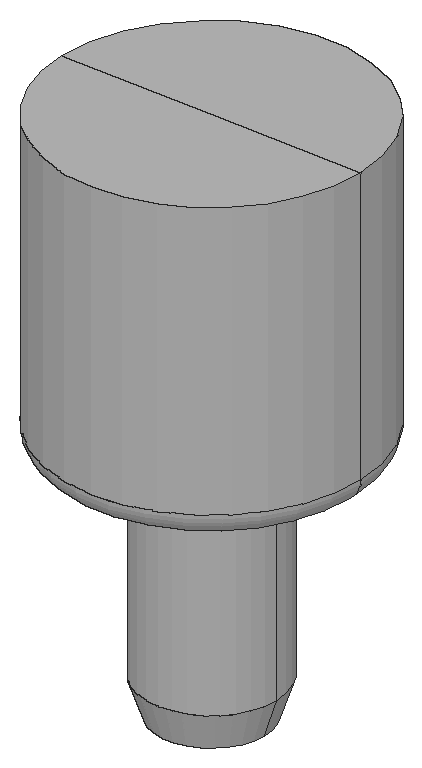
Revit family "WAGNER_Соединительные_детали", category Арматура трубопроводов, Revit 2017
Family settings
  Размер круглого соединителя = Использовать диаметр
  Тип детали = Нормальный
  Номер OmniClass = 23.60.30.11.17
  Заголовок OmniClass = Pipework/Ductwork Mechanical Fasteners/Supports
  На основе рабочей плоскости = Нет
  Всегда вертикально = Да
  При загрузке вырезать с полостями = Нет
  Общий = Да
Parameters (values of type "Typ ABS-DF")
  Описание = ADSK_Наименование  # "Соединительные детали"
  Изготовитель = [ADSK_Завод-изготовитель]  # "WAGNER"
  Деталь 2 [instance] = not(Деталь 1)  # no
  Деталь 1 [instance] = yes
  bimon.ru = "bimon.ru"
  WAGNER_Тип = "Typ ABS-DF"  # constant formula
  WAGNER_Температурный режим. = "от -20℃ до +60℃"  # constant formula
  WAGNER_Название = "Соединительные детали"  # constant formula
  WAGNER_Артикул = "01-10-9370"  # constant formula
  Uniclass Title = "Pipe sleeve seals"  # constant formula
  Uniclass Code = "Pr_65_52_61_64"  # constant formula
  URL = "www.wagner-russia.com"
  UNSPSC Title = "Pipeline service equipment"  # constant formula
  UNSPSC Code = "20143300"  # constant formula
  OmniClass Title = "Pipework/Ductwork Mechanical Fasteners/Support"  # constant formula
  OmniClass Code = "23.60.30.11.17"  # constant formula
  Masterformat Title = "Wall Pipes, Floor Pipes, and Pipe Sleeves"  # constant formula
  Masterformat Code = "40 05 09"  # constant formula
  IFC Classification = ""
  COBie Category = "Pipe sleeve seals"  # constant formula
  ADSK_Размер_Ширина = 0 mm  # constant formula
  ADSK_Размер_Длина = 0 mm  # constant formula
  ADSK_Размер_Высота = 0 mm  # constant formula
  ADSK_Наименование краткое = WAGNER_Название  # "Соединительные детали"
  ADSK_Наименование = WAGNER_Название  # "Соединительные детали"
  ADSK_Материал = WAGNER_Соединительные_детали
  ADSK_Масса_Текст = ""
  ADSK_Марка = WAGNER_Тип  # "Typ ABS-DF"
  ADSK_Код изделия = "-"  # constant formula
  ADSK_Завод-изготовитель = "WAGNER"  # constant formula
  ADSK_Единица измерения = "шт."  # constant formula
  ADSK_Дата изменения = "18.07.20"  # constant formula
  ADSK_Версия семейства = "Версия 1"  # constant formula
  ADSK_Версия Revit = "Revit 2017"  # constant formula
  ADSK_URL страницы изделия = "https://ru.wagnergroup.com/systeme/brandfrueherkennung-mit-titanusr-ansaugrauchmeldern.html"
  ADSK_URL документации изделия = "https://ru.wagnergroup.com/ru/centr-zagruzki/katalog.html"
Reference planes
  plane 1 "По центру (Вперед/Назад)": y = -115
  plane 2: z = 0
  plane 3 "По центру (Влево/Вправо)": x = -926.064
Forms (mm)
  Revolve 1, solid, material "WAGNER_Соединительные_детали" <- "ADSK_Материал", visible <- "Деталь 1"
    sketch origin (-926.064, -115, 881.064) x (1, 0, 0) y (0, 0, 1)
      loop
        line (0, -926.064) -> (0, -881.064) -> (-12.5, -881.064) -> (-12.5, -904.105)
        arc (-12.5, -904.105) -> (-11.926, -905.49) -> (-10.541, -906.064) r 1.959
        line (-10.541, -906.064) -> (-5.5, -906.064) -> (-5.5, -923.064) -> (-4.5, -926.064) -> (0, -926.064)
      axis (0, -926.064) -> (0, -881.064)
    angle from 0 to 360
  Revolve 2, solid, material "WAGNER_Соединительные_детали" <- "ADSK_Материал", visible <- "Деталь 2"
    sketch origin (-926.064, -115, -1021.064) x (1, 0, 0) y (0, 0, 1)
      loop
        line (0, 1021.064) -> (-12.5, 1021.064) -> (-12.5, 1018.064) -> (-6, 1018.064) -> (-6, 979.564) -> (-5.5, 978.535) -> (-5.5, 961.064) -> (-4.5, 958.064) -> (0, 958.064) -> (0, 1021.064)
      axis (0, 1021.064) -> (0, 958.064)
    angle from 0 to 360
Dimensions and locks
  aligned and locked: level to plane 2
Automatic sketch dimensions
  Revolve 1 sketch curve to level = 0 mm
  Revolve 1 sketch curve to plane 3 "По центру (Влево/Вправо)" = 0 mm  (x2)
  Revolve 1 sketch curve to Revolve 1 sketch curve = 4.5 mm
  Revolve 1 sketch curve to Revolve 1 sketch curve = 1 mm
  Revolve 1 sketch curve to Revolve 1 sketch curve = 5.041 mm
  Revolve 1 sketch curve to Revolve 1 sketch curve = 0 mm
  Revolve 1 sketch curve to plane 3 "По центру (Влево/Вправо)" = 12.5 mm
  Revolve 1 sketch curve to level = 23.041 mm
  Revolve 1 sketch curve to Revolve 1 sketch curve = 17 mm
  Revolve 1 sketch curve to Revolve 1 sketch curve = 3 mm
  Revolve 1 sketch curve to level = 12.842 mm
  Revolve 1 sketch curve to Revolve 1 sketch curve = 7 mm
  Revolve 2 sketch curve to level = 0 mm
  Revolve 2 sketch curve to plane 3 "По центру (Влево/Вправо)" = 0 mm  (x2)
  Revolve 2 sketch curve to plane 3 "По центру (Влево/Вправо)" = 4.5 mm
  Revolve 2 sketch curve to plane 3 "По центру (Влево/Вправо)" = 5.5 mm
  Revolve 2 sketch curve to level = 3 mm
  Revolve 2 sketch curve to plane 3 "По центру (Влево/Вправо)" = 6 mm
  Revolve 2 sketch curve to Revolve 2 sketch curve = 6.5 mm
  Revolve 2 sketch curve to Revolve 2 sketch curve = 38.5 mm
  Revolve 2 sketch curve to Revolve 2 sketch curve = 1.029 mm
  Revolve 2 sketch curve to Revolve 2 sketch curve = 17.471 mm
  Revolve 2 sketch curve to Revolve 2 sketch curve = 3 mm
  Revolve 2 sketch curve to Revolve 2 sketch curve = 7 mm
  Revolve 2 sketch curve to Revolve 2 sketch curve = 1.226 mm
